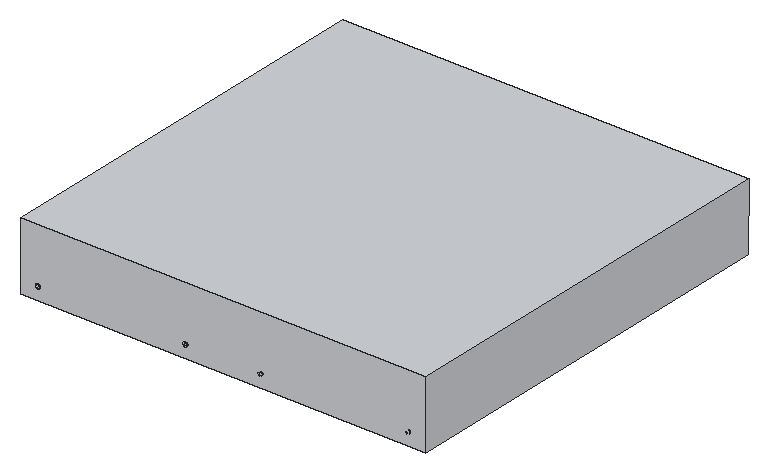
Revit family "f9efce40deb9496c8825e6df59a606e4", category Generic Models, Revit 2021
Family settings
  Can host rebar = No
  Round Connector Dimension = Use Diameter
  Part Type = Normal
  Work Plane-Based = No
  Always vertical = Yes
  Cut with Voids When Loaded = Yes
  Shared = No
  Room Calculation Point = No
Parameters (values of type "Default")
  Valid widths = "[18-21][25.5-28.5][32.75-35.75][40-43]"
  Default Elevation = 0' - 0"
  CNC Pattern Tag [instance] = ""
Reference planes (in)
  plane 1 "Center (Front/Back)": y = 0
  plane 2: z = 0
  plane 3 "Center (Left/Right)": x = 0
  plane 4 "Center": z = 3.93701
Forms (in)
  Extrusion 1, solid
    sketch origin (0.63091, 0, -3.81102) x (1, 0, 0) y (0, 0, 1)
      loop
        line (-0.63091, 3.81102) -> (47.24409, 3.81102) -> (47.24409, 11.81102) -> (-0.63091, 11.81102) -> (-0.63091, 3.81102)
    from 0 to 47.70285
  Extrusion 2, solid
    sketch origin (-27.59853, -47.70285, -3.33731) x (1, 0, 0) y (0, 0, 1)
      loop
        circle (29.66103, 4.83731) r 0.25
    from -4 to 0
  Extrusion 3, solid
    sketch origin (-10.16103, -47.70285, -3.33731) x (1, 0, 0) y (0, 0, 1)
      loop
        circle (29.66103, 4.83731) r 0.25
    from -4 to 0
  Extrusion 4, solid
    sketch origin (-1.28603, -47.70285, -3.33731) x (1, 0, 0) y (0, 0, 1)
      loop
        circle (29.66103, 4.83731) r 0.25
    from -4 to 0
  Extrusion 5, solid
    sketch origin (16.15147, -47.70285, -3.33731) x (1, 0, 0) y (0, 0, 1)
      loop
        circle (29.66103, 4.83731) r 0.25
    from -4 to 0
Dimensions and locks (in)
  aligned and locked: level to plane 2
Nested families (in)
  nested 1: "Round void" at (6.93012, 0, 8), type "HWC 5 5/8''"
    with Position from Top 0' - 4", Length of Instance 4' - 0"
  nested 2: "Round void" at (15.59154, 0, 8), type "HWC 5 5/8''"
    with Position from Top 0' - 4", Length of Instance 4' - 0"
  nested 3: "Round void" at (24.25295, 0, 8), type "HWC 5 5/8''"
    with Position from Top 0' - 4", Length of Instance 4' - 0"
  nested 4: "Round void" at (32.91437, 0, 8), type "HWC 5 5/8''"
    with Position from Top 0' - 4", Length of Instance 4' - 0"
  nested 5: "Round void" at (41.57579, 0, 8), type "HWC 5 5/8''"
    with Position from Top 0' - 4", Length of Instance 4' - 0"
Definition of nested family "Round void"
  Parameters (values of type "HWC 5 5/8''")
    Radius = 0' - 2 13/16"
    Position from Top [instance] = 0' - 4"
    Length of Instance [instance] = 4' - 0"
    Is Hole = yes
    Default Elevation = -0' - 1 5/8"
  Reference planes (in)
    plane 1 "Center ( Front/Back)": y = 0
    plane 2 "Bottom": z = 0
    plane 3 "Center (Left/Right)": x = 0
    plane 4 "Left": x = 0
    plane 5: z = -4
  Forms (in)
    Extrusion 1, solid
      sketch origin (-3.14961, 0, 0) x (1, 0, 0) y (0, 1, 0)
        loop
          line (-48.0315, 25) -> (-48.0315, -48) -> (48, -48) -> (48, 25) -> (-48.0315, 25)
      from 0 to -8
    Extrusion 2, void
      sketch origin (-0.7874, 0, -0.09843) x (1, 0, 0) y (0, 0, 1)
        loop
          circle (0.7874, -3.90157) r 2.8125
      from 0 to 48 <- "Length of Instance"
  Dimensions and locks (in)
    "Position from Top": plane 5 to plane 2 "Bottom"
    "Radius": radius of Extrusion 2 sketch curve
    aligned and locked: plane 2 "Bottom" to Extrusion 1
    aligned and locked: level to Extrusion 1
    aligned and locked: plane 5 to Extrusion 2 sketch curve
    aligned and locked: plane 4 "Left" to Extrusion 2 sketch curve
  Automatic sketch dimensions
    Extrusion 1 sketch curve to Extrusion 1 sketch curve = 8' - 0.0315"
    Extrusion 1 sketch curve to Extrusion 1 sketch curve = 6' - 1"
